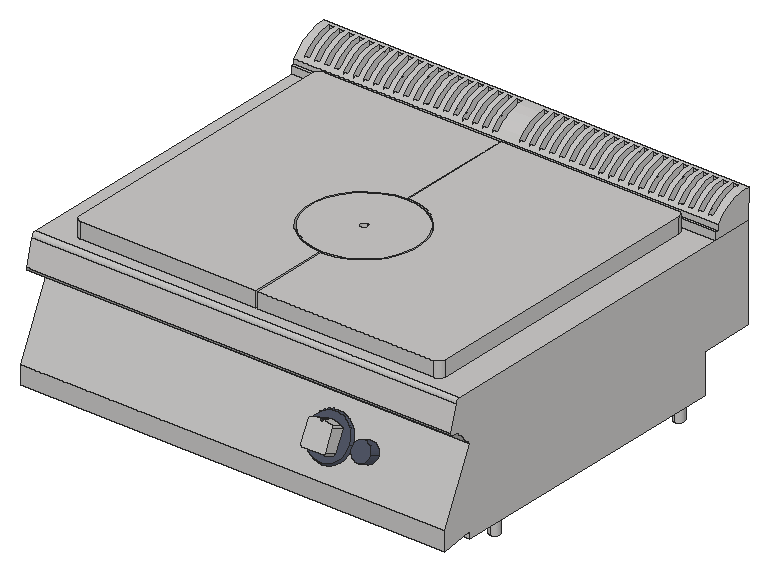
Revit family "QF_ZANUSSI_372007_Z7STGH1000", category Specialty Equipment, Revit 2018
Family settings
  Round Connector Dimension = Use Diameter
  Part Type = Normal
  Work Plane-Based = No
  Always vertical = Yes
  Cut with Voids When Loaded = No
  Shared = No
  Room Calculation Point = No
Parameters
  Width = 800 mm  # constant formula
  Weight in Pounds = 143  # constant formula
  Weight = 0.00 kg
  Watts = 0 W
  Volts = 0 V
  URL Manufacturer = "http://www.zanussiprofessional.com"
  URL Cutsheet = "www.electrolux.com"
  URL = "http://www.zanussiprofessional.com"
  Type Mark [instance] = ""
  Steam Supply Size = 0"
  Steam Supply Minimum Pressure = 0.00 psi
  Steam Supply Maximum Pressure = 0.00 psi
  Steam Pounds per Hour = 0
  Status [instance] = ""
  Specification by User [instance] = ""
  Specification by Manufacturer = ""
  Show Logo [instance] = yes
  Show Clearance [instance] = yes
  Serial Number = ""
  Seismic Rating = ""
  SMACNA No = ""
  Revision Code [instance] = ""
  Refrigeration Suction Line Size = 0"
  Refrigeration Liquid Line Size = 0"
  Refrigerant Compressor Remote = yes
  Phase = 0
  Omniclass Number and Title = ""
  NAFEM Spec ID Number = ""
  Model = "Z7STGH1000"
  Mechanical Remarks [instance] = ""
  Mechanical Connection Type [instance] = ""
  Masterspec = ""
  Manufacturer = "Zanussi"
  Length Actual = 800 mm  # constant formula
  Item Number [instance] = "372007"
  Installed By [instance] = ""
  Identify Quantity as Lot [instance] = yes
  Hot Water Size = 0"
  Height Actual = 250 mm  # constant formula
  Height = 250 mm  # constant formula
  HP = "0 HP"
  Gas Size = 1/2"  # constant formula
  Gas RI Height [instance] = 0 mm
  Gas KW [instance] = 7  # constant formula
  Gas Input [instance] = 23863.0 Btu/h  # constant formula
  Gas Connection Height = 0 mm
  Furnished By [instance] = ""
  Foodservice Equipment Identifier [instance] = yes
  Direct Waste Size = 0"
  Description = "GAS SOLID TOP 800MM"
  Depth Actual = 700 mm  # constant formula
  Depth = 715 mm  # constant formula
  Cycle = 0 Hz
  Condensate Return Size = 0"
  Compressed Air Volume = 0 GPM
  Compressed Air Size = 0"
  Compressed Air Pressure = 0.00 psi
  Cold Water Size = 0"
  CSI MasterFormat = ""
  CSI Master Format = ""
  Assembly Code = ""
  Accessory = yes
Reference planes
  plane 1 "BACK": y = 0
  plane 2: z = 0
  plane 3 "LEFT": x = 0
  plane 4 "RIGHT": x = 800
  plane 5 "FRONT": y = -715
  plane 6 "TOP": z = 302.388
  plane 7 "Center Y": x = 400
  plane 8 "Center X": y = -357.5
  plane 9 "Base Height": z = 24
  plane 10: z = 274
  plane 11: z = 332
  plane 12 "panel": through (-6096, -654.982, 185.977) normal (0, -0.8956, 0.4448)
Forms (mm)
  Extrusion 1, solid, material "QF_Finishes_Stainless Steel"
    sketch origin (0, 0, 0) x (0, 1, 0) y (0, 0, 1)
      loop
        line (0, 98) -> (0, 274) -> (-679.358, 274)
        arc (-679.358, 274) -> (-684.643, 271.811) -> (-686.833, 266.526) r 7.474
        line (-686.833, 266.526) -> (-699.884, 221.011)
        arc (-699.884, 221.011) -> (-699.396, 218.379) -> (-697, 217.184) r 3
        line (-697, 217.184) -> (-686.802, 217.184) -> (-654.982, 185.364) -> (-715, 64.508) -> (-715, 29.508) -> (-658.645, 37.428)
        arc (-658.645, 37.428) -> (-656.101, 36.674) -> (-655, 34.259) r 3.2
        line (-655, 34.259) -> (-655, 24) -> (-103, 24) -> (-103, 98) -> (0, 98)
    from 0 to 800
  Extrusion 2, solid, material "QF_Finishes_Stainless Steel"
    sketch origin (0, 0, 0) x (0, 1, 0) y (0, 0, 1)
      loop
        line (0, 274) -> (0, 288.1) -> (-76.2, 288.1) -> (-76.2, 274) -> (0, 274)
    from 0 to 800
  Extrusion 3, solid, material "QF_Finishes_Stainless Steel"
    sketch origin (0, 0, 0) x (1, 0, 0) y (0, 1, 0)
      loop
        circle (11.112, -149.225) r 9.525
      loop
        circle (788.888, -149.225) r 9.525
      loop
        circle (11.112, -583.488) r 9.525
      loop
        circle (788.888, -583.488) r 9.525
    from 0 to 24
  Extrusion 4, solid, material "QF_Finishes_Stainless Steel"
    sketch origin (0, -103.188, 23.813) x (0, 0, 1) y (1, 0, 0)
      loop
        circle (36.7, 400) r 6.35
    from 0.188 to 26.988
  Extrusion 5, solid, material "QF_Finishes_Stainless Steel"
    sketch origin (0, 0, 274.612) x (0, -1, 0) y (1, 0, 0)
      loop
        arc (82.3, 67.7) -> (86.02, 58.72) -> (95, 55) r 12.7
        line (95, 55) -> (644.6, 55)
        arc (644.6, 55) -> (653.58, 58.72) -> (657.3, 67.7) r 12.7
        line (657.3, 67.7) -> (657.3, 398.413) -> (508.181, 398.413)
        arc (508.181, 398.413) -> (404.918, 297.117) -> (301.811, 398.571) r 103.201
        line (301.811, 398.571) -> (82.3, 398.571) -> (82.3, 67.7)
      loop
        arc (657.3, 732.3) -> (653.58, 741.28) -> (644.6, 745) r 12.7
        line (644.6, 745) -> (95, 745)
        arc (95, 745) -> (86.02, 741.28) -> (82.3, 732.3) r 12.7
        line (82.3, 732.3) -> (82.3, 401.528) -> (301.813, 401.528)
        arc (301.813, 401.528) -> (405.121, 503.083) -> (508.194, 401.289) r 103.202
        line (508.194, 401.289) -> (657.3, 401.289) -> (657.3, 732.3)
      loop
        circle (405, 400) r 100
      loop
        circle (405, 400) r 7
    from 0 to 28.575
  Extrusion 6, solid, material "QF_Finishes_Stainless Steel"
    sketch origin (0, 0, 274.612) x (0, -1, 0) y (1, 0, 0)
      loop
        circle (390, 400) r 7
    from 0 to 26.981
  Extrusion 7, void
    sketch origin (34.989, 0, 288.925) x (-1, 0, 0) y (0, -1, 0)
      loop
        line (-335.017, 6.761) -> (-335.017, 63.911) -> (-344.313, 63.911) -> (-344.313, 6.761) -> (-335.017, 6.761)
      loop
        line (-316.325, 6.761) -> (-316.325, 63.911) -> (-325.62, 63.911) -> (-325.62, 6.761) -> (-316.325, 6.761)
      loop
        line (-297.632, 6.761) -> (-297.632, 63.911) -> (-306.928, 63.911) -> (-306.928, 6.761) -> (-297.632, 6.761)
      loop
        line (-278.94, 6.761) -> (-278.94, 63.911) -> (-288.235, 63.911) -> (-288.235, 6.761) -> (-278.94, 6.761)
      loop
        line (-260.247, 6.761) -> (-260.247, 63.911) -> (-269.543, 63.911) -> (-269.543, 6.761) -> (-260.247, 6.761)
      loop
        line (-241.554, 6.761) -> (-241.554, 63.911) -> (-250.85, 63.911) -> (-250.85, 6.761) -> (-241.554, 6.761)
      loop
        line (-222.862, 6.761) -> (-222.862, 63.911) -> (-232.157, 63.911) -> (-232.157, 6.761) -> (-222.862, 6.761)
      loop
        line (-204.169, 6.761) -> (-204.169, 63.911) -> (-213.465, 63.911) -> (-213.465, 6.761) -> (-204.169, 6.761)
      loop
        line (-185.476, 6.761) -> (-185.476, 63.911) -> (-194.772, 63.911) -> (-194.772, 6.761) -> (-185.476, 6.761)
      loop
        line (-166.784, 6.761) -> (-166.784, 63.911) -> (-176.08, 63.911) -> (-176.08, 6.761) -> (-166.784, 6.761)
      loop
        line (-148.091, 6.761) -> (-148.091, 63.911) -> (-157.387, 63.911) -> (-157.387, 6.761) -> (-148.091, 6.761)
      loop
        line (-129.399, 6.761) -> (-129.399, 63.911) -> (-138.694, 63.911) -> (-138.694, 6.761) -> (-129.399, 6.761)
      loop
        line (-110.706, 6.761) -> (-110.706, 63.911) -> (-120.002, 63.911) -> (-120.002, 6.761) -> (-110.706, 6.761)
      loop
        line (-92.013, 6.761) -> (-92.013, 63.911) -> (-101.309, 63.911) -> (-101.309, 6.761) -> (-92.013, 6.761)
      loop
        line (-73.321, 6.761) -> (-73.321, 63.911) -> (-82.617, 63.911) -> (-82.617, 6.761) -> (-73.321, 6.761)
      loop
        line (-54.628, 6.761) -> (-54.628, 63.911) -> (-63.924, 63.911) -> (-63.924, 6.761) -> (-54.628, 6.761)
      loop
        line (-35.936, 6.761) -> (-35.936, 63.911) -> (-45.231, 63.911) -> (-45.231, 6.761) -> (-35.936, 6.761)
      loop
        line (-17.243, 6.761) -> (-17.243, 63.911) -> (-26.539, 63.911) -> (-26.539, 6.761) -> (-17.243, 6.761)
      loop
        line (1.45, 6.761) -> (1.45, 63.911) -> (-7.846, 63.911) -> (-7.846, 6.761) -> (1.45, 6.761)
      loop
        line (20.142, 6.761) -> (20.142, 63.911) -> (10.846, 63.911) -> (10.846, 6.761) -> (20.142, 6.761)
      loop
        line (-395.005, 6.761) -> (-385.709, 6.761) -> (-385.709, 63.911) -> (-395.005, 63.911) -> (-395.005, 6.761)
      loop
        line (-413.697, 6.761) -> (-404.401, 6.761) -> (-404.401, 63.911) -> (-413.697, 63.911) -> (-413.697, 6.761)
      loop
        line (-432.39, 6.761) -> (-423.094, 6.761) -> (-423.094, 63.911) -> (-432.39, 63.911) -> (-432.39, 6.761)
      loop
        line (-451.082, 6.761) -> (-441.787, 6.761) -> (-441.787, 63.911) -> (-451.082, 63.911) -> (-451.082, 6.761)
      loop
        line (-469.775, 6.761) -> (-460.479, 6.761) -> (-460.479, 63.911) -> (-469.775, 63.911) -> (-469.775, 6.761)
      loop
        line (-488.468, 6.761) -> (-479.172, 6.761) -> (-479.172, 63.911) -> (-488.468, 63.911) -> (-488.468, 6.761)
      loop
        line (-507.16, 6.761) -> (-497.864, 6.761) -> (-497.864, 63.911) -> (-507.16, 63.911) -> (-507.16, 6.761)
      loop
        line (-525.853, 6.761) -> (-516.557, 6.761) -> (-516.557, 63.911) -> (-525.853, 63.911) -> (-525.853, 6.761)
      loop
        line (-544.545, 6.761) -> (-535.25, 6.761) -> (-535.25, 63.911) -> (-544.545, 63.911) -> (-544.545, 6.761)
      loop
        line (-563.238, 6.761) -> (-553.942, 6.761) -> (-553.942, 63.911) -> (-563.238, 63.911) -> (-563.238, 6.761)
      loop
        line (-581.931, 6.761) -> (-572.635, 6.761) -> (-572.635, 63.911) -> (-581.931, 63.911) -> (-581.931, 6.761)
      loop
        line (-600.623, 6.761) -> (-591.328, 6.761) -> (-591.328, 63.911) -> (-600.623, 63.911) -> (-600.623, 6.761)
      loop
        line (-619.316, 6.761) -> (-610.02, 6.761) -> (-610.02, 63.911) -> (-619.316, 63.911) -> (-619.316, 6.761)
      loop
        line (-638.008, 6.761) -> (-628.713, 6.761) -> (-628.713, 63.911) -> (-638.008, 63.911) -> (-638.008, 6.761)
      loop
        line (-656.701, 6.761) -> (-647.405, 6.761) -> (-647.405, 63.911) -> (-656.701, 63.911) -> (-656.701, 6.761)
      loop
        line (-675.394, 6.761) -> (-666.098, 6.761) -> (-666.098, 63.911) -> (-675.394, 63.911) -> (-675.394, 6.761)
      loop
        line (-694.086, 6.761) -> (-684.791, 6.761) -> (-684.791, 63.911) -> (-694.086, 63.911) -> (-694.086, 6.761)
      loop
        line (-712.779, 6.761) -> (-703.483, 6.761) -> (-703.483, 63.911) -> (-712.779, 63.911) -> (-712.779, 6.761)
      loop
        line (-731.472, 6.761) -> (-722.176, 6.761) -> (-722.176, 63.911) -> (-731.472, 63.911) -> (-731.472, 6.761)
      loop
        line (-750.164, 6.761) -> (-740.868, 6.761) -> (-740.868, 63.911) -> (-750.164, 63.911) -> (-750.164, 6.761)
    from 9.525 to 45.348
  Extrusion 8, solid, material "QF_Finishes_Stainless Steel"
    sketch origin (0, 0, 14.288) x (0, 1, 0) y (0, 0, 1)
      loop
        line (0, 273.813) -> (0, 317.712)
        arc (0, 317.712) -> (-39.115, 309.039) -> (-69.85, 283.337) r 84.578
        line (-69.85, 283.337) -> (-69.85, 273.813) -> (0, 273.813)
    from 0 to 800
  Extrusion 9, solid, material "QF_Finishes_Clearance", visible <- "Show Clearance", detail levels coarse
    sketch origin (0, 0, 0) x (1, 0, 0) y (0, 1, 0)
      loop
        line (0, -715) -> (0, 0) -> (800, 0) -> (800, -715) -> (950, -715) -> (950, 150) -> (-150, 150) -> (-150, -715) -> (0, -715)
    from 0 to 331.787
  Blend 10, solid, material "QF_Finishes_Navy Blue"
    base sketch origin (560, -684.991, 125.549) x (1, 0, 0) y (0, 0.444781, 0.895639)
      loop
        circle (0, 0) r 42.5
    top sketch origin (560, -684.991, 125.549) x (1, 0, 0) y (0, 0.444781, 0.895639)
      loop
        circle (0, 0) r 40.5
    from 0 to 5
  Extrusion 11, solid, material "QF_Finishes_Stainless Steel"
    sketch origin (560, -684.991, 125.549) x (1, 0, 0) y (0, 0.444781, 0.895639)
      loop
        arc (-21.147, 22.789) -> (-22.494, 21.685) -> (-23, 20.019) r 2.997
        line (-23, 20.019) -> (-23, -20.019)
        arc (-23, -20.019) -> (-22.122, -22.138) -> (-20.003, -23.016) r 2.997
        line (-20.003, -23.016) -> (20.003, -23.016)
        arc (20.003, -23.016) -> (22.122, -22.138) -> (23, -20.019) r 2.997
        line (23, -20.019) -> (23, 20.019)
        arc (23, 20.019) -> (22.494, 21.685) -> (21.147, 22.789) r 2.997
        arc (21.147, 22.789) -> (0, 26.984) -> (-21.147, 22.789) r 55.4
    from 10 to 34
  Extrusion 12, solid, material "QF_Plastic-Black-Matte"
    sketch origin (617.5, -684.991, 125.549) x (0, 0.444781, 0.895639) y (0, -0.895639, 0.444781)
      loop
        line (26.984, 34) -> (26.984, 19) -> (27.984, 19) -> (27.984, 34)
        arc (27.984, 34) -> (27.691, 34.707) -> (26.984, 35) r 1
        line (26.984, 35) -> (23.984, 35) -> (23.984, 34) -> (26.984, 34)
    from -58.5 to -56.5
  Extrusion 13, solid, material "QF_Finishes_Stainless Steel"
    sketch origin (560, -684.991, 125.549) x (1, 0, 0) y (0, 0.444781, 0.895639)
      loop
        line (17.5, 17.5) -> (-17.5, 17.5) -> (-17.5, -17.5) -> (17.5, -17.5) -> (17.5, 17.5)
    from 5 to 10
  Extrusion 14, solid, material "QF_Finishes_Navy Blue"
    sketch origin (689.876, -684.991, 125.549) x (1, 0, 0) y (0, 0.444781, 0.895639)
      loop
        circle (-55.001, 0) r 18
    from 3 to 23
  Extrusion 15, solid, material "QF_Finishes_Stainless Steel"
    sketch origin (550.875, -684.991, 125.549) x (1, 0, 0) y (0, 0.444781, 0.895639)
      loop
        circle (84, 0) r 15
    from 3 to 0
Cuts and joins
  Extrusion 7 cuts Extrusion 1
  Extrusion 7 cuts Extrusion 8
  joined: Extrusion 2, Extrusion 8
Lines and regions (mm)
  Split face 1
    outline origin (560, -689.469, 127.772) x (1, 0, 0) y (0, 0.444781, 0.895639)
      loop
        circle (-33, 0) r 3
  Split face 2
    outline origin (565.901, -689.469, 127.772) x (1, 0, 0) y (0, 0.444781, 0.895639)
      loop
        line (-8.901, 38.561) -> (-8.901, 28.561) -> (-2.901, 28.561) -> (-2.901, 38.561) -> (-8.901, 38.561)
  Split face 3
    outline origin (565.901, -689.469, 127.772) x (1, 0, 0) y (0, 0.444781, 0.895639)
      loop
        line (-8.401, 38.061) -> (-8.401, 29.061) -> (-3.401, 29.061) -> (-3.401, 38.061) -> (-8.401, 38.061)
  Split face 4
    outline origin (565.901, -689.469, 127.772) x (1, 0, 0) y (0, 0.444781, 0.895639)
      loop
        line (-8.401, 34.061) -> (-3.401, 34.061)
  Split face 5
    outline origin (565.901, -689.469, 127.772) x (1, 0, 0) y (0, 0.444781, 0.895639)
      loop
        line (-8.401, 33.561) -> (-3.401, 33.561)
  Split face 6
    outline origin (585.657, -675.159, 156.588) x (-1, 0, 0) y (0, -0.444781, -0.895639)
      loop
        circle (43.456, 61.543) r 1.5
  Split face 7
    outline origin (565.901, -689.469, 127.772) x (1, 0, 0) y (0, 0.444781, 0.895639)
      loop
        circle (-5.901, 31.311) r 2.029
  Split face 8
    outline origin (560, -689.469, 127.772) x (1, 0, 0) y (0, 0.444781, 0.895639)
      loop
        circle (-24.487, 26.694) r 3.497
  symbolic lines
    curve 1: line (0, 0, 0) -> (0, -715, 0)
    curve 2: line (800, 0, 0) -> (0, 0, 0)
    curve 3: line (800, -715, 0) -> (800, 0, 0)
    curve 4: arc (732.3, -657.3, 0) -> (741.28, -653.58, 0) -> (745, -644.6, 0) r 12.7
    curve 5: line (745, -644.6, 0) -> (745, -95, 0)
    curve 6: arc (745, -95, 0) -> (741.28, -86.02, 0) -> (732.3, -82.3, 0) r 12.7
    curve 7: line (732.3, -82.3, 0) -> (401.528, -82.3, 0)
    curve 8: line (401.528, -82.3, 0) -> (401.528, -294.313, 0)
    curve 9: arc (401.528, -294.313, 0) -> (503.083, -397.621, 0) -> (401.289, -500.694, 0) r 103.202
    curve 10: line (401.289, -500.694, 0) -> (401.289, -657.3, 0)
    curve 11: line (401.289, -657.3, 0) -> (732.3, -657.3, 0)
    curve 12: arc (400, -497.5, 0) -> (500, -397.5, 0) -> (400, -297.5, 0) r 100
    curve 13: arc (400, -297.5, 0) -> (300, -397.5, 0) -> (400, -497.5, 0) r 100
    curve 14: arc (398.413, -500.681, 0) -> (297.117, -397.418, 0) -> (398.571, -294.311, 0) r 103.201
    curve 15: line (398.571, -294.311, 0) -> (398.571, -82.3, 0)
    curve 16: line (398.571, -82.3, 0) -> (67.7, -82.3, 0)
    curve 17: arc (67.7, -82.3, 0) -> (58.72, -86.02, 0) -> (55, -95, 0) r 12.7
    curve 18: line (55, -95, 0) -> (55, -644.6, 0)
    curve 19: arc (55, -644.6, 0) -> (58.72, -653.58, 0) -> (67.7, -657.3, 0) r 12.7
    curve 20: line (67.7, -657.3, 0) -> (398.413, -657.3, 0)
    curve 21: line (398.413, -657.3, 0) -> (398.413, -500.681, 0)
    curve 22: arc (400, -390.5, 0) -> (407, -397.5, 0) -> (400, -404.5, 0) r 7
    curve 23: arc (400, -404.5, 0) -> (393, -397.5, 0) -> (400, -390.5, 0) r 7
    curve 24: line (0, -76.2, 0) -> (800, -76.2, 0)
    curve 25: line (0, -69.85, 0) -> (800, -69.85, 0)
    curve 26: line (14.847, -63.911, 0) -> (14.847, -6.761, 0)
    curve 27: line (14.847, -6.761, 0) -> (24.143, -6.761, 0)
    curve 28: line (24.143, -6.761, 0) -> (24.143, -63.911, 0)
    curve 29: line (24.143, -63.911, 0) -> (14.847, -63.911, 0)
    curve 30: line (33.539, -63.911, 0) -> (33.539, -6.761, 0)
    curve 31: line (33.539, -6.761, 0) -> (42.835, -6.761, 0)
    curve 32: line (42.835, -6.761, 0) -> (42.835, -63.911, 0)
    curve 33: line (42.835, -63.911, 0) -> (33.539, -63.911, 0)
    curve 34: line (52.232, -63.911, 0) -> (52.232, -6.761, 0)
    curve 35: line (52.232, -6.761, 0) -> (61.528, -6.761, 0)
    curve 36: line (61.528, -6.761, 0) -> (61.528, -63.911, 0)
    curve 37: line (61.528, -63.911, 0) -> (52.232, -63.911, 0)
    curve 38: line (70.925, -63.911, 0) -> (70.925, -6.761, 0)
    curve 39: line (70.925, -6.761, 0) -> (80.22, -6.761, 0)
    curve 40: line (80.22, -6.761, 0) -> (80.22, -63.911, 0)
    curve 41: line (80.22, -63.911, 0) -> (70.925, -63.911, 0)
    curve 42: line (89.617, -63.911, 0) -> (89.617, -6.761, 0)
    curve 43: line (89.617, -6.761, 0) -> (98.913, -6.761, 0)
    curve 44: line (98.913, -6.761, 0) -> (98.913, -63.911, 0)
    curve 45: line (98.913, -63.911, 0) -> (89.617, -63.911, 0)
    curve 46: line (108.31, -63.911, 0) -> (108.31, -6.761, 0)
    curve 47: line (108.31, -6.761, 0) -> (117.606, -6.761, 0)
    curve 48: line (117.606, -6.761, 0) -> (117.606, -63.911, 0)
    curve 49: line (117.606, -63.911, 0) -> (108.31, -63.911, 0)
    curve 50: line (127.002, -63.911, 0) -> (127.002, -6.761, 0)
    curve 51: line (127.002, -6.761, 0) -> (136.298, -6.761, 0)
    curve 52: line (136.298, -6.761, 0) -> (136.298, -63.911, 0)
    curve 53: line (136.298, -63.911, 0) -> (127.002, -63.911, 0)
    curve 54: line (145.695, -63.911, 0) -> (145.695, -6.761, 0)
    curve 55: line (145.695, -6.761, 0) -> (154.991, -6.761, 0)
    curve 56: line (154.991, -6.761, 0) -> (154.991, -63.911, 0)
    curve 57: line (154.991, -63.911, 0) -> (145.695, -63.911, 0)
    curve 58: line (164.388, -63.911, 0) -> (164.388, -6.761, 0)
    curve 59: line (164.388, -6.761, 0) -> (173.683, -6.761, 0)
    curve 60: line (173.683, -6.761, 0) -> (173.683, -63.911, 0)
    curve 61: line (173.683, -63.911, 0) -> (164.388, -63.911, 0)
    curve 62: line (183.08, -63.911, 0) -> (183.08, -6.761, 0)
    curve 63: line (183.08, -6.761, 0) -> (192.376, -6.761, 0)
    curve 64: line (192.376, -6.761, 0) -> (192.376, -63.911, 0)
    curve 65: line (192.376, -63.911, 0) -> (183.08, -63.911, 0)
    curve 66: line (201.773, -63.911, 0) -> (201.773, -6.761, 0)
    curve 67: line (201.773, -6.761, 0) -> (211.069, -6.761, 0)
    curve 68: line (211.069, -6.761, 0) -> (211.069, -63.911, 0)
    curve 69: line (211.069, -63.911, 0) -> (201.773, -63.911, 0)
    curve 70: line (220.466, -63.911, 0) -> (220.466, -6.761, 0)
    curve 71: line (220.466, -6.761, 0) -> (229.761, -6.761, 0)
    curve 72: line (229.761, -6.761, 0) -> (229.761, -63.911, 0)
    curve 73: line (229.761, -63.911, 0) -> (220.466, -63.911, 0)
    curve 74: line (239.158, -63.911, 0) -> (239.158, -6.761, 0)
    curve 75: line (239.158, -6.761, 0) -> (248.454, -6.761, 0)
    curve 76: line (248.454, -6.761, 0) -> (248.454, -63.911, 0)
    curve 77: line (248.454, -63.911, 0) -> (239.158, -63.911, 0)
    curve 78: line (420.698, -63.911, 0) -> (420.698, -6.761, 0)
    curve 79: line (420.698, -6.761, 0) -> (429.994, -6.761, 0)
    curve 80: line (429.994, -6.761, 0) -> (429.994, -63.911, 0)
    curve 81: line (429.994, -63.911, 0) -> (420.698, -63.911, 0)
    curve 82: line (370.006, -63.911, 0) -> (370.006, -6.761, 0)
    curve 83: line (370.006, -6.761, 0) -> (379.302, -6.761, 0)
    curve 84: line (379.302, -6.761, 0) -> (379.302, -63.911, 0)
    curve 85: line (379.302, -63.911, 0) -> (370.006, -63.911, 0)
    curve 86: line (351.314, -63.911, 0) -> (351.314, -6.761, 0)
    curve 87: line (351.314, -6.761, 0) -> (360.61, -6.761, 0)
    curve 88: line (360.61, -6.761, 0) -> (360.61, -63.911, 0)
    curve 89: line (360.61, -63.911, 0) -> (351.314, -63.911, 0)
    curve 90: line (332.621, -63.911, 0) -> (332.621, -6.761, 0)
    curve 91: line (332.621, -6.761, 0) -> (341.917, -6.761, 0)
    curve 92: line (341.917, -6.761, 0) -> (341.917, -63.911, 0)
    curve 93: line (341.917, -63.911, 0) -> (332.621, -63.911, 0)
    curve 94: line (313.929, -63.911, 0) -> (313.929, -6.761, 0)
    curve 95: line (313.929, -6.761, 0) -> (323.224, -6.761, 0)
    curve 96: line (323.224, -6.761, 0) -> (323.224, -63.911, 0)
    curve 97: line (323.224, -63.911, 0) -> (313.929, -63.911, 0)
    curve 98: line (295.236, -63.911, 0) -> (295.236, -6.761, 0)
    curve 99: line (295.236, -6.761, 0) -> (304.532, -6.761, 0)
    curve 100: line (304.532, -6.761, 0) -> (304.532, -63.911, 0)
    curve 101: line (304.532, -63.911, 0) -> (295.236, -63.911, 0)
    curve 102: line (276.543, -63.911, 0) -> (276.543, -6.761, 0)
    curve 103: line (276.543, -6.761, 0) -> (285.839, -6.761, 0)
    curve 104: line (285.839, -6.761, 0) -> (285.839, -63.911, 0)
    curve 105: line (285.839, -63.911, 0) -> (276.543, -63.911, 0)
    curve 106: line (257.851, -63.911, 0) -> (257.851, -6.761, 0)
    curve 107: line (257.851, -6.761, 0) -> (267.146, -6.761, 0)
    curve 108: line (267.146, -6.761, 0) -> (267.146, -63.911, 0)
    curve 109: line (267.146, -63.911, 0) -> (257.851, -63.911, 0)
    curve 110: line (439.39, -63.911, 0) -> (439.39, -6.761, 0)
    curve 111: line (439.39, -6.761, 0) -> (448.686, -6.761, 0)
    curve 112: line (448.686, -6.761, 0) -> (448.686, -63.911, 0)
    curve 113: line (448.686, -63.911, 0) -> (439.39, -63.911, 0)
    curve 114: line (458.083, -63.911, 0) -> (458.083, -6.761, 0)
    curve 115: line (458.083, -6.761, 0) -> (467.379, -6.761, 0)
    curve 116: line (467.379, -6.761, 0) -> (467.379, -63.911, 0)
    curve 117: line (467.379, -63.911, 0) -> (458.083, -63.911, 0)
    curve 118: line (476.776, -63.911, 0) -> (476.776, -6.761, 0)
    curve 119: line (476.776, -6.761, 0) -> (486.071, -6.761, 0)
    curve 120: line (486.071, -6.761, 0) -> (486.071, -63.911, 0)
    curve 121: line (486.071, -63.911, 0) -> (476.776, -63.911, 0)
    curve 122: line (495.468, -63.911, 0) -> (495.468, -6.761, 0)
    curve 123: line (495.468, -6.761, 0) -> (504.764, -6.761, 0)
    curve 124: line (504.764, -6.761, 0) -> (504.764, -63.911, 0)
    curve 125: line (504.764, -63.911, 0) -> (495.468, -63.911, 0)
    curve 126: line (514.161, -63.911, 0) -> (514.161, -6.761, 0)
    curve 127: line (514.161, -6.761, 0) -> (523.457, -6.761, 0)
    curve 128: line (523.457, -6.761, 0) -> (523.457, -63.911, 0)
    curve 129: line (523.457, -63.911, 0) -> (514.161, -63.911, 0)
    curve 130: line (532.854, -63.911, 0) -> (532.854, -6.761, 0)
    curve 131: line (532.854, -6.761, 0) -> (542.149, -6.761, 0)
    curve 132: line (542.149, -6.761, 0) -> (542.149, -63.911, 0)
    curve 133: line (542.149, -63.911, 0) -> (532.854, -63.911, 0)
    curve 134: line (551.546, -63.911, 0) -> (551.546, -6.761, 0)
    curve 135: line (551.546, -6.761, 0) -> (560.842, -6.761, 0)
    curve 136: line (560.842, -6.761, 0) -> (560.842, -63.911, 0)
    curve 137: line (560.842, -63.911, 0) -> (551.546, -63.911, 0)
    curve 138: line (570.239, -63.911, 0) -> (570.239, -6.761, 0)
    curve 139: line (570.239, -6.761, 0) -> (579.534, -6.761, 0)
    curve 140: line (579.534, -6.761, 0) -> (579.534, -63.911, 0)
    curve 141: line (579.534, -63.911, 0) -> (570.239, -63.911, 0)
    curve 142: line (588.931, -63.911, 0) -> (588.931, -6.761, 0)
    curve 143: line (588.931, -6.761, 0) -> (598.227, -6.761, 0)
    curve 144: line (598.227, -6.761, 0) -> (598.227, -63.911, 0)
    curve 145: line (598.227, -63.911, 0) -> (588.931, -63.911, 0)
    curve 146: line (607.624, -63.911, 0) -> (607.624, -6.761, 0)
    curve 147: line (607.624, -6.761, 0) -> (616.92, -6.761, 0)
    curve 148: line (616.92, -6.761, 0) -> (616.92, -63.911, 0)
    curve 149: line (616.92, -63.911, 0) -> (607.624, -63.911, 0)
    curve 150: line (626.317, -63.911, 0) -> (626.317, -6.761, 0)
    curve 151: line (626.317, -6.761, 0) -> (635.612, -6.761, 0)
    curve 152: line (635.612, -6.761, 0) -> (635.612, -63.911, 0)
    curve 153: line (635.612, -63.911, 0) -> (626.317, -63.911, 0)
    curve 154: line (645.009, -63.911, 0) -> (645.009, -6.761, 0)
    curve 155: line (645.009, -6.761, 0) -> (654.305, -6.761, 0)
    curve 156: line (654.305, -6.761, 0) -> (654.305, -63.911, 0)
    curve 157: line (654.305, -63.911, 0) -> (645.009, -63.911, 0)
    curve 158: line (663.702, -63.911, 0) -> (663.702, -6.761, 0)
    curve 159: line (663.702, -6.761, 0) -> (672.998, -6.761, 0)
    curve 160: line (672.998, -6.761, 0) -> (672.998, -63.911, 0)
    curve 161: line (672.998, -63.911, 0) -> (663.702, -63.911, 0)
    curve 162: line (682.394, -63.911, 0) -> (682.394, -6.761, 0)
    curve 163: line (682.394, -6.761, 0) -> (691.69, -6.761, 0)
    curve 164: line (691.69, -6.761, 0) -> (691.69, -63.911, 0)
    curve 165: line (691.69, -63.911, 0) -> (682.394, -63.911, 0)
    curve 166: line (701.087, -63.911, 0) -> (701.087, -6.761, 0)
    curve 167: line (701.087, -6.761, 0) -> (710.383, -6.761, 0)
    curve 168: line (710.383, -6.761, 0) -> (710.383, -63.911, 0)
    curve 169: line (710.383, -63.911, 0) -> (701.087, -63.911, 0)
    curve 170: line (719.78, -63.911, 0) -> (719.78, -6.761, 0)
    curve 171: line (719.78, -6.761, 0) -> (729.075, -6.761, 0)
    curve 172: line (729.075, -6.761, 0) -> (729.075, -63.911, 0)
    curve 173: line (729.075, -63.911, 0) -> (719.78, -63.911, 0)
    curve 174: line (738.472, -63.911, 0) -> (738.472, -6.761, 0)
    curve 175: line (738.472, -6.761, 0) -> (747.768, -6.761, 0)
    curve 176: line (747.768, -6.761, 0) -> (747.768, -63.911, 0)
    curve 177: line (747.768, -63.911, 0) -> (738.472, -63.911, 0)
    curve 178: line (757.165, -63.911, 0) -> (757.165, -6.761, 0)
    curve 179: line (757.165, -6.761, 0) -> (766.461, -6.761, 0)
    curve 180: line (766.461, -6.761, 0) -> (766.461, -63.911, 0)
    curve 181: line (766.461, -63.911, 0) -> (757.165, -63.911, 0)
    curve 182: line (775.857, -63.911, 0) -> (775.857, -6.761, 0)
    curve 183: line (775.857, -6.761, 0) -> (785.153, -6.761, 0)
    curve 184: line (785.153, -6.761, 0) -> (785.153, -63.911, 0)
    curve 185: line (785.153, -63.911, 0) -> (775.857, -63.911, 0)
    curve 190: line (537, -699.981, 0) -> (537, -724.347, 0)
    curve 191: arc (537, -724.347, 0) -> (537.146, -724.811, 0) -> (537.532, -725.107, 0) r 0.809
    curve 192: arc (537.532, -725.107, 0) -> (538.72, -725.587, 0) -> (539.997, -725.68, 0) r 4.127
    curve 193: arc (537, -704.292, 0) -> (531.942, -702.451, 0) -> (527.159, -699.981, 0) r 42.24
    curve 194: arc (537, -706.539, 0) -> (537.502, -705.818, 0) -> (538.299, -705.448, 0) r 1.682
    curve 195: arc (538.299, -705.448, 0) -> (548.602, -703.95, 0) -> (559, -703.441, 0) r 109.079
    curve 196: line (559, -699.981, 0) -> (559, -705.671, 0)
    curve 197: line (559, -705.671, 0) -> (561, -705.671, 0)
    curve 198: line (561, -705.671, 0) -> (561, -699.981, 0)
    curve 199: line (583, -699.981, 0) -> (583, -724.347, 0)
    curve 200: arc (583, -724.347, 0) -> (582.854, -724.811, 0) -> (582.468, -725.107, 0) r 0.809
    curve 201: arc (582.468, -725.107, 0) -> (581.28, -725.587, 0) -> (580.003, -725.68, 0) r 4.127
    curve 202: arc (583, -704.292, 0) -> (588.058, -702.451, 0) -> (592.841, -699.981, 0) r 42.24
    curve 203: arc (583, -706.539, 0) -> (582.498, -705.818, 0) -> (581.701, -705.448, 0) r 1.682
    curve 204: arc (581.701, -705.448, 0) -> (571.398, -703.95, 0) -> (561, -703.441, 0) r 109.079
    curve 205: line (539.997, -725.68, 0) -> (580.003, -725.68, 0)
    curve 206: spline (616.875, -705.591, 0) -> (617.489, -707.663, 0) -> (619.287, -709.594, 0) -> (622.147, -711.252, 0) -> (625.875, -712.524, 0) -> (630.217, -713.324, 0) -> (634.875, -713.597, 0) -> (639.534, -713.324, 0) -> (643.875, -712.524, 0) -> (647.603, -711.252, 0) -> (650.464, -709.594, 0) -> (652.262, -707.663, 0) -> (652.875, -705.591, 0)
    curve 207: spline (652.875, -705.591, 0) -> (652.838, -705.073, 0) -> (652.725, -704.558, 0) -> (652.537, -704.047, 0) -> (652.276, -703.542, 0) -> (651.942, -703.046, 0) -> (651.536, -702.56, 0) -> (651.061, -702.088, 0) -> (650.518, -701.63, 0) -> (649.909, -701.188, 0) -> (649.238, -700.765, 0) -> (648.506, -700.362, 0) -> (647.718, -699.981, 0)
    curve 208: line (616.875, -705.591, 0) -> (616.875, -699.981, 0)
    curve 209: line (652.875, -705.591, 0) -> (652.875, -699.981, 0)
    curve 210: spline (622.033, -699.981, 0) -> (621.244, -700.362, 0) -> (620.513, -700.765, 0) -> (619.841, -701.188, 0) -> (619.233, -701.63, 0) -> (618.69, -702.088, 0) -> (618.214, -702.56, 0) -> (617.809, -703.046, 0) -> (617.475, -703.542, 0) -> (617.213, -704.047, 0) -> (617.026, -704.558, 0) -> (616.913, -705.073, 0) -> (616.875, -705.591, 0)
    curve 211: line (0, -715, 0) -> (537, -715, 0)
    curve 212: line (583, -715, 0) -> (800, -715, 0)
    curve 213: line (0, -699.981, 0) -> (800, -699.981, 0)
  symbolic lines, style "QF-Clearances", visible <- "Show Clearance", detail levels coarse
    curve 186: line (-150, -715, 0) -> (-150, 150, 0)
    curve 187: line (-150, 150, 0) -> (950, 150, 0)
    curve 188: line (950, 150, 0) -> (950, -715, 0)
  model lines
    curve 189: line (401.289, -547.3, 0) -> (745, -547.3, 0)
Dimensions and locks
  equal spacing: plane 3 "LEFT", plane 7 "Center Y", plane 4 "RIGHT"
  "Width": plane 3 "LEFT" to plane 4 "RIGHT"
  equal spacing: plane 5 "FRONT", plane 8 "Center X", plane 1 "BACK"
  "Depth": plane 5 "FRONT" to plane 1 "BACK"
  plane 9 "Base Height" to level = 24 mm
  "Height": plane 10 to plane 9 "Base Height"
  plane 6 "TOP" to plane 10 = 28.388 mm
  plane 11 to level = 332 mm
  plane 11 to plane 10 to plane 9 "Base Height" to level = 58 mm, 250 mm, 24 mm
  aligned and locked: level to plane 2
Automatic sketch dimensions
  Extrusion 2 sketch curve to plane 10 = 0 mm
  Extrusion 2 sketch curve to plane 1 "BACK" = 0 mm
  Extrusion 2 sketch curve to plane 6 "TOP" = 14.287 mm
  plane 3 "LEFT" to Extrusion 3 sketch curve = 11.112 mm  (x2)
  Extrusion 3 sketch curve to plane 4 "RIGHT" = 11.112 mm  (x2)
  Extrusion 3 sketch curve to Extrusion 3 sketch curve = 9.525 mm  (x4)
  Extrusion 6 sketch curve to Extrusion 6 sketch curve = 7 mm
  Extrusion 7 sketch curve to plane 4 "RIGHT" = 14.847 mm
  Extrusion 7 sketch curve to Extrusion 7 sketch curve = 9.296 mm  (x40)
  Extrusion 7 sketch curve to Extrusion 7 sketch curve = 9.397 mm  (x38)
  Extrusion 7 sketch curve to plane 7 "Center Y" = 20.698 mm
  plane 1 "BACK" to Extrusion 7 sketch curve = 6.761 mm  (x40)
  Extrusion 8 sketch curve to plane 1 "BACK" = 0 mm
  Extrusion 8 sketch curve to plane 11 = 0 mm
  plane 1 "BACK" to Extrusion 8 sketch curve = 1.769 mm
  Extrusion 8 sketch curve to plane 6 "TOP" = 4.763 mm
  Extrusion 8 sketch curve to Extrusion 8 sketch curve = 9.525 mm
  plane 1 "BACK" to Extrusion 2 sketch curve = 76.2 mm
  Extrusion 3 sketch curve to Extrusion 3 sketch curve = 0 mm  (x4)
  Extrusion 3 sketch curve to plane 5 "FRONT" = 121.987 mm  (x2)
  plane 1 "BACK" to Extrusion 3 sketch curve = 158.75 mm  (x2)
  Extrusion 7 sketch curve to Extrusion 7 sketch curve = 57.15 mm  (x2)
  Extrusion 7 sketch curve to Extrusion 7 sketch curve = 0 mm  (x38)
  plane 1 "BACK" to Extrusion 8 sketch curve = 69.85 mm
  plane 5 "FRONT" to Extrusion 9 sketch curve = 0 mm  (x2)
  Extrusion 9 sketch curve to plane 3 "LEFT" = 150 mm
  plane 4 "RIGHT" to Extrusion 9 sketch curve = 150 mm
  Extrusion 9 sketch curve to plane 1 "BACK" = 0 mm
  Extrusion 9 sketch curve to plane 3 "LEFT" = 0 mm
  Extrusion 9 sketch curve to plane 1 "BACK" = 150 mm
  Extrusion 9 sketch curve to plane 4 "RIGHT" = 0 mm
  Extrusion 5 sketch curve to Extrusion 5 sketch curve = 0 mm  (x5)
  Extrusion 5 sketch curve to Extrusion 5 sketch curve = 12.7 mm  (x4)
  Extrusion 5 sketch curve to Extrusion 5 sketch curve = 219.511 mm
  Extrusion 5 sketch curve to Extrusion 5 sketch curve = 0.002 mm  (x3)
  Extrusion 5 sketch curve to Extrusion 5 sketch curve = 103.185 mm
  Extrusion 5 sketch curve to Extrusion 5 sketch curve = 103.179 mm
  Extrusion 5 sketch curve to Extrusion 5 sketch curve = 0.013 mm
  Extrusion 5 sketch curve to Extrusion 5 sketch curve = 330.713 mm
  Extrusion 5 sketch curve to Extrusion 5 sketch curve = 330.871 mm
  Extrusion 5 sketch curve to Extrusion 5 sketch curve = 0.437 mm
  Extrusion 5 sketch curve to Extrusion 5 sketch curve = 0.119 mm
  Extrusion 5 sketch curve to Extrusion 5 sketch curve = 2.877 mm
  Extrusion 4 sketch curve to plane 7 "Center Y" = 0 mm
  plane 9 "Base Height" to Extrusion 4 sketch curve = 36.512 mm
  Extrusion 5 sketch curve to plane 7 "Center Y" = 0 mm
  plane 1 "BACK" to Extrusion 5 sketch curve = 82.3 mm
  Extrusion 5 sketch curve to plane 5 "FRONT" = 70.4 mm  (x2)
  Extrusion 5 sketch curve to plane 4 "RIGHT" = 67.7 mm
  Extrusion 6 sketch curve to Extrusion 6 sketch curve = 0 mm  (x2)
  Extrusion 6 sketch curve to plane 7 "Center Y" = 0 mm
  Extrusion 6 sketch curve to plane 8 "Center X" = 32.5 mm
  plane 3 "LEFT" to Blend 10 sketch curve = 560 mm  (x2)
  plane 3 "LEFT" to Extrusion 11 sketch curve = 537 mm
  Extrusion 11 sketch curve to Extrusion 11 sketch curve = 2.997 mm  (x3)
  Extrusion 11 sketch curve to Extrusion 11 sketch curve = 20.003 mm  (x2)
  plane 3 "LEFT" to Extrusion 11 sketch curve = 580.003 mm
  Extrusion 11 sketch curve to Extrusion 11 sketch curve = 5.399 mm
  Extrusion 11 sketch curve to Extrusion 11 sketch curve = 40.037 mm
  Extrusion 11 sketch curve to Extrusion 11 sketch curve = 0 mm  (x2)
  plane 12 "panel" to Extrusion 12 sketch curve = 35 mm
  Extrusion 12 sketch curve to plane 5 "FRONT" = 9.329 mm
  Extrusion 12 sketch curve to Extrusion 12 sketch curve = 3 mm
  Extrusion 12 sketch curve to Extrusion 12 sketch curve = 0 mm  (x2)
  Extrusion 12 sketch curve to Extrusion 12 sketch curve = 1 mm
  Extrusion 12 sketch curve to Extrusion 12 sketch curve = 15 mm
  plane 3 "LEFT" to Extrusion 13 sketch curve = 542.5 mm
  Extrusion 13 sketch curve to Extrusion 13 sketch curve = 35 mm  (x2)
  Split face 2 sketch curve to Split face 2 sketch curve = 6 mm
  Split face 2 sketch curve to Split face 2 sketch curve = 10 mm
  Split face 3 sketch curve to Split face 3 sketch curve = 5 mm
  Split face 3 sketch curve to Split face 3 sketch curve = 9 mm
  Split face 4 sketch curve to Split face 4 sketch curve = 5 mm
  Split face 5 sketch curve to Split face 5 sketch curve = 5 mm
  plane 3 "LEFT" to Extrusion 14 sketch curve = 634.875 mm
  plane 3 "LEFT" to Extrusion 15 sketch curve = 634.875 mm
  curve 12 to curve 22 = 0 mm  (x2)
  plane 5 "FRONT" to curve 186 = 0 mm
  curve 211 to plane 3 "LEFT" = 0 mm
  curve 22 to plane 7 "Center Y" = 0 mm
  plane 5 "FRONT" to curve 211 = 0 mm
  plane 5 "FRONT" to curve 212 = 0 mm
  plane 1 "BACK" to curve 3 = 0 mm
  curve 213 to plane 4 "RIGHT" = 0 mm
  plane 5 "FRONT" to curve 188 = 0 mm
  curve 187 to plane 3 "LEFT" = 150 mm
  plane 3 "LEFT" to curve 26 = 14.847 mm
  curve 26 to curve 27 = 9.296 mm
  curve 28 to curve 33 = 9.397 mm
  curve 30 to curve 31 = 9.296 mm
  curve 32 to curve 37 = 9.397 mm
  curve 34 to curve 18 = 2.768 mm
  curve 34 to curve 36 = 9.296 mm
  curve 18 to curve 17 = 12.7 mm
  curve 19 to curve 20 = 12.7 mm
  curve 35 to curve 38 = 9.397 mm
  curve 38 to curve 41 = 9.296 mm
  curve 40 to curve 42 = 9.397 mm
  curve 42 to curve 43 = 9.296 mm
  curve 43 to curve 46 = 9.397 mm
  curve 46 to curve 49 = 9.296 mm
  curve 47 to curve 51 = 9.397 mm
  curve 50 to curve 53 = 9.296 mm
  curve 52 to curve 54 = 9.397 mm
  curve 54 to curve 56 = 9.296 mm
  curve 55 to curve 58 = 9.397 mm
  curve 58 to curve 61 = 9.296 mm
  curve 59 to curve 62 = 9.397 mm
  curve 62 to curve 64 = 9.296 mm
  curve 64 to curve 69 = 9.397 mm
  curve 66 to curve 69 = 9.296 mm
  curve 67 to curve 71 = 9.397 mm
  curve 70 to curve 73 = 9.296 mm
  curve 71 to curve 74 = 9.397 mm
  curve 74 to curve 75 = 9.296 mm
  curve 75 to curve 106 = 9.397 mm
  curve 106 to curve 108 = 9.296 mm
  curve 108 to curve 105 = 9.397 mm
  curve 102 to curve 104 = 9.296 mm
  curve 103 to curve 98 = 9.397 mm
  curve 98 to curve 100 = 9.296 mm
  curve 100 to curve 97 = 9.397 mm
  curve 94 to curve 95 = 9.296 mm
  curve 96 to curve 93 = 9.397 mm
  curve 90 to curve 92 = 9.296 mm
  curve 92 to curve 89 = 9.397 mm
  curve 86 to curve 88 = 9.296 mm
  curve 88 to curve 82 = 9.397 mm
  curve 82 to curve 84 = 9.296 mm
  curve 20 to plane 7 "Center Y" = 1.587 mm
  curve 16 to plane 7 "Center Y" = 1.429 mm
  curve 9 to plane 7 "Center Y" = 0.119 mm
  plane 7 "Center Y" to curve 14 = 0.318 mm
  plane 7 "Center Y" to curve 11 = 1.289 mm
  plane 7 "Center Y" to curve 8 = 1.528 mm
  plane 7 "Center Y" to curve 78 = 20.698 mm
  curve 78 to curve 80 = 9.296 mm
  curve 79 to curve 111 = 9.397 mm
  curve 110 to curve 113 = 9.296 mm
  curve 111 to curve 114 = 9.397 mm
  curve 114 to curve 115 = 9.296 mm
  curve 116 to curve 121 = 9.397 mm
  curve 118 to curve 120 = 9.296 mm
  curve 119 to curve 122 = 9.397 mm
  curve 122 to curve 125 = 9.296 mm
  curve 123 to curve 126 = 9.397 mm
  curve 126 to curve 128 = 9.296 mm
  curve 128 to curve 130 = 9.397 mm
  plane 5 "FRONT" to curve 190 = 9.347 mm
  plane 7 "Center Y" to curve 190 = 137 mm
  curve 191 to curve 191 = 0.809 mm
  curve 194 to curve 194 = 1.583 mm
  curve 191 to curve 192 = 1.846 mm
  curve 191 to curve 205 = 2.189 mm
  curve 130 to curve 131 = 9.296 mm
  curve 190 to curve 193 = 11.892 mm
  curve 132 to curve 137 = 9.397 mm
  curve 196 to plane 5 "FRONT" = 9.329 mm
  curve 194 to curve 196 = 20.417 mm
  curve 205 to curve 195 = 19.134 mm
  curve 134 to curve 136 = 9.296 mm
  curve 195 to curve 204 = 1.738 mm
  curve 196 to curve 198 = 2 mm
  curve 136 to curve 141 = 9.397 mm
  curve 138 to curve 140 = 9.296 mm
  curve 197 to curve 205 = 19.003 mm
  curve 201 to curve 201 = 0.343 mm
  curve 201 to curve 203 = 1.071 mm
  curve 201 to curve 200 = 2.189 mm
  curve 200 to curve 199 = 0.809 mm
  curve 140 to curve 142 = 9.397 mm
  curve 142 to curve 143 = 9.296 mm
  curve 143 to curve 147 = 9.397 mm
  curve 203 to curve 208 = 33.875 mm
  curve 146 to curve 149 = 9.296 mm
  curve 148 to curve 153 = 9.397 mm
  curve 150 to curve 153 = 9.296 mm
  curve 151 to curve 154 = 9.397 mm
  curve 208 to curve 209 = 36 mm
  curve 154 to curve 156 = 9.296 mm
  curve 155 to curve 159 = 9.397 mm
  curve 158 to curve 160 = 9.296 mm
  curve 160 to curve 162 = 9.397 mm
  curve 162 to curve 165 = 9.296 mm
  curve 163 to curve 166 = 9.397 mm
  curve 166 to curve 168 = 9.296 mm
  curve 167 to curve 170 = 9.397 mm
  curve 170 to curve 173 = 9.296 mm
  curve 11 to plane 4 "RIGHT" = 67.7 mm
  curve 172 to curve 6 = 3.225 mm
  curve 172 to curve 174 = 9.397 mm
  curve 6 to curve 5 = 12.7 mm
  curve 174 to curve 176 = 9.296 mm
  curve 176 to curve 178 = 9.397 mm
  curve 178 to curve 179 = 9.296 mm
  curve 180 to curve 182 = 9.397 mm
  curve 182 to curve 184 = 9.296 mm
  plane 4 "RIGHT" to curve 187 = 150 mm
  curve 205 to curve 191 = 1.333 mm
  curve 195 to curve 204 = 0 mm
  curve 201 to curve 200 = 1.333 mm
  curve 200 to curve 201 = 2.779 mm
  curve 191 to curve 192 = 2.779 mm
  curve 203 to plane 5 "FRONT" = 7.894 mm
  curve 193 to curve 202 = 0 mm
  curve 21 to plane 5 "FRONT" = 57.7 mm
  curve 20 to curve 10 = 0 mm
  curve 10 to plane 8 "Center X" = 143.194 mm
  curve 10 to curve 21 = 0.013 mm
  curve 9 to plane 8 "Center X" = 40.002 mm
  curve 9 to curve 22 = 0.002 mm
  curve 23 to curve 14 = 0.002 mm
  plane 1 "BACK" to curve 5 = 95 mm
  plane 1 "BACK" to curve 17 = 95 mm
  plane 1 "BACK" to curve 58 = 63.911 mm
  curve 16 to curve 46 = 18.389 mm
  curve 45 to curve 46 = 0 mm
  curve 60 to curve 62 = 0 mm
  curve 16 to curve 41 = 18.389 mm
  curve 57 to curve 58 = 0 mm
  curve 37 to curve 38 = 0 mm
  curve 64 to curve 68 = 0 mm
  curve 68 to curve 70 = 0 mm
  curve 33 to curve 34 = 0 mm
  curve 72 to curve 74 = 0 mm
  curve 48 to curve 53 = 0 mm
  curve 7 to curve 78 = 18.389 mm
  curve 15 to curve 82 = 18.389 mm
  curve 26 to curve 30 = 0 mm
  curve 86 to curve 82 = 0 mm
  curve 90 to curve 86 = 0 mm
  curve 5 to curve 185 = 31.089 mm
  curve 94 to curve 90 = 0 mm
  curve 181 to curve 182 = 0 mm
  curve 98 to curve 94 = 0 mm
  curve 177 to curve 178 = 0 mm
  curve 102 to curve 98 = 0 mm
  curve 173 to curve 174 = 0 mm
  curve 76 to curve 106 = 0 mm
  curve 169 to curve 170 = 0 mm
  curve 80 to curve 110 = 0 mm
  curve 165 to curve 166 = 0 mm
  curve 112 to curve 114 = 0 mm
  curve 161 to curve 162 = 0 mm
  curve 116 to curve 118 = 0 mm
  curve 157 to curve 158 = 0 mm
  curve 120 to curve 122 = 0 mm
  curve 153 to curve 154 = 0 mm
  curve 124 to curve 126 = 0 mm
  curve 149 to curve 150 = 0 mm
  curve 128 to curve 130 = 0 mm
  curve 145 to curve 146 = 0 mm
  curve 132 to curve 134 = 0 mm
  curve 136 to curve 141 = 0 mm
  plane 1 "BACK" to curve 136 = 6.761 mm
  plane 1 "BACK" to curve 138 = 6.761 mm
  plane 1 "BACK" to curve 132 = 6.761 mm
  plane 1 "BACK" to curve 142 = 6.761 mm
  plane 1 "BACK" to curve 128 = 6.761 mm
  plane 1 "BACK" to curve 146 = 6.761 mm
  plane 1 "BACK" to curve 124 = 6.761 mm
  plane 1 "BACK" to curve 150 = 6.761 mm
  plane 1 "BACK" to curve 120 = 6.761 mm
  plane 1 "BACK" to curve 154 = 6.761 mm
  plane 1 "BACK" to curve 116 = 6.761 mm
  plane 1 "BACK" to curve 158 = 6.761 mm
  plane 1 "BACK" to curve 112 = 6.761 mm
  plane 1 "BACK" to curve 162 = 6.761 mm
  plane 1 "BACK" to curve 108 = 6.761 mm
  plane 1 "BACK" to curve 166 = 6.761 mm
  plane 1 "BACK" to curve 104 = 6.761 mm
  plane 1 "BACK" to curve 170 = 6.761 mm
  plane 1 "BACK" to curve 100 = 6.761 mm
  plane 1 "BACK" to curve 174 = 6.761 mm
  plane 1 "BACK" to curve 96 = 6.761 mm
  plane 1 "BACK" to curve 178 = 6.761 mm
  plane 1 "BACK" to curve 92 = 6.761 mm
  plane 1 "BACK" to curve 182 = 6.761 mm
  plane 1 "BACK" to curve 88 = 6.761 mm
  plane 1 "BACK" to curve 26 = 6.761 mm
  plane 1 "BACK" to curve 84 = 6.761 mm
  plane 1 "BACK" to curve 80 = 6.761 mm
  plane 1 "BACK" to curve 76 = 6.761 mm
  plane 1 "BACK" to curve 72 = 6.761 mm
  plane 1 "BACK" to curve 68 = 6.761 mm
  plane 1 "BACK" to curve 64 = 6.761 mm
  plane 1 "BACK" to curve 60 = 6.761 mm
  plane 1 "BACK" to curve 56 = 6.761 mm
  plane 1 "BACK" to curve 52 = 6.761 mm
  plane 1 "BACK" to curve 48 = 6.761 mm
  plane 1 "BACK" to curve 44 = 6.761 mm
  plane 1 "BACK" to curve 40 = 6.761 mm
  plane 1 "BACK" to curve 36 = 6.761 mm
  plane 1 "BACK" to curve 32 = 6.761 mm
  curve 186 to plane 1 "BACK" = 150 mm
  curve 193 to curve 190 = 9.841 mm
  curve 195 to curve 194 = 0.284 mm
  curve 203 to curve 203 = 0.284 mm
  curve 199 to curve 202 = 9.841 mm
  curve 208 to curve 210 = 5.157 mm
  curve 210 to curve 206 = 0 mm
  curve 207 to curve 206 = 0 mm
  curve 207 to curve 209 = 5.157 mm
  curve 203 to curve 203 = 0.567 mm
  curve 194 to curve 194 = 0.567 mm
  curve 204 to curve 202 = 1.156 mm
  curve 195 to curve 193 = 1.156 mm
  curve 209 to curve 207 = 5.61 mm
  curve 195 to curve 196 = 3.46 mm
  curve 202 to curve 199 = 4.311 mm
  curve 193 to curve 190 = 4.311 mm
  curve 189 to curve 9 = 46.606 mm
  curve 10 to curve 12 = 3.194 mm
  curve 23 to curve 9 = 6.998 mm
  curve 24 to curve 184 = 12.289 mm
  curve 24 to curve 25 = 6.35 mm
  Extrusion 1 sketch curve to plane 5 "FRONT" = 0 mm
  Extrusion 1 sketch curve to plane 6 "TOP" = 81.377 mm
  Extrusion 1 sketch curve to plane 5 "FRONT" = 15.116 mm
  Extrusion 1 sketch curve to Extrusion 1 sketch curve = 2.884 mm
  Extrusion 1 sketch curve to plane 11 = 65.474 mm
  Extrusion 1 sketch curve to Extrusion 1 sketch curve = 13.051 mm
  Extrusion 1 sketch curve to plane 10 = 56.816 mm
  Extrusion 1 sketch curve to Extrusion 1 sketch curve = 10.198 mm
  Extrusion 1 sketch curve to Extrusion 1 sketch curve = 7.474 mm
  plane 9 "Base Height" to Extrusion 1 sketch curve = 13.428 mm
  Extrusion 1 sketch curve to Extrusion 1 sketch curve = 56.355 mm
  Extrusion 1 sketch curve to Extrusion 1 sketch curve = 0.445 mm
  Extrusion 1 sketch curve to Extrusion 1 sketch curve = 3.2 mm
  Extrusion 1 sketch curve to plane 10 = 88.636 mm
  Extrusion 1 sketch curve to Extrusion 1 sketch curve = 31.82 mm
  plane 1 "BACK" to Extrusion 1 sketch curve = 103 mm
  Extrusion 1 sketch curve to plane 1 "BACK" = 0 mm
  Extrusion 1 sketch curve to Extrusion 1 sketch curve = 7.92 mm
  plane 9 "Base Height" to Extrusion 1 sketch curve = 0 mm
  Extrusion 1 sketch curve to Extrusion 1 sketch curve = 35 mm
  Extrusion 1 sketch curve to Extrusion 1 sketch curve = 74 mm
  radius of Extrusion 4 sketch curve = 6.35 mm
  radius of Extrusion 5 sketch curve = 100 mm
  radius of Extrusion 5 sketch curve = 7 mm
  radius of Blend 10 sketch curve = 42.5 mm
  radius of Blend 10 sketch curve = 40.5 mm
  radius of Split face 1 sketch curve = 3 mm
  radius of Split face 6 sketch curve = 1.5 mm
  radius of Split face 7 sketch curve = 2.029 mm
  radius of Split face 8 sketch curve = 3.497 mm
  radius of Extrusion 14 sketch curve = 18 mm
  radius of Extrusion 15 sketch curve = 15 mm
Connectors
  piping at (400, -76.2, 60.512), diameter 12.8
    settings: on Extrusion 4, index 1, connector inside diameter 0.50394", connector length 0 mm, flow factor 0, pipe flow 0 GPM, pressure drop 0.00 psi, fitting loss kfactor 0, connector angle 0.00°, fixture units 0, engagement length 0 mm, angle of deflection 0.00°, flow configuration 1, flow direction 1, fitting loss method 0, system type 7, joint type 0, gender type 0, connector reference index -1, connector utility 0, adjustable connector no, is connector primary yes, connector description "Gas Inlet"
